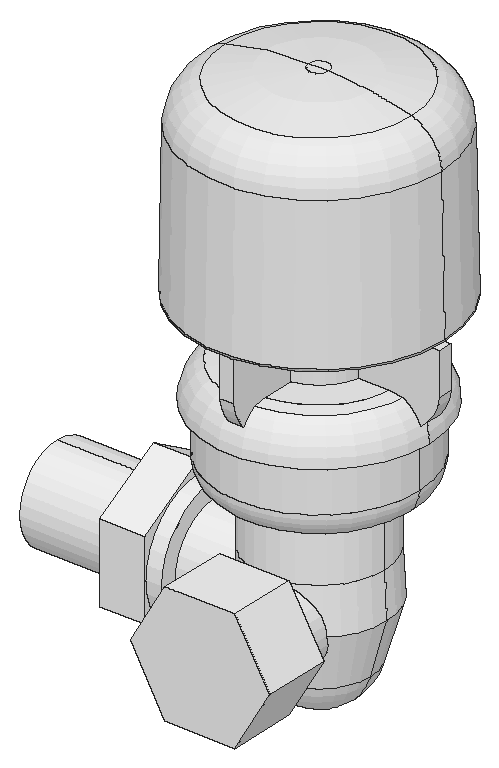
Revit family "RA-DV_Double Angle_Right_DN10-15_Aero_RFA_1", category Pipe Accessories, Revit 2019 (continued)
Definition of nested family "Schematic_Pressure Independent TRV_Sensor_Angle Right"
  Lines and regions (mm)
    model lines
      curve 17: line (0, -30, -15) -> (0, 0, 0)
      curve 18: line (0, -40, 0) -> (0, -30, 0)
    symbolic lines
      curve 19: line (0, 0, 0) -> (-30, 15, 0)
      curve 20: line (-30, 15, 0) -> (-30, -15, 0)
      curve 21: line (-30, -15, 0) -> (0, 0, 0)
      curve 22: line (-30, 0, 0) -> (-40, 0, 0)
      curve 23: spline (31.111, -13.333, 0) -> (33.412, -12.879, 0) -> (35.556, -11.547, 0) -> (37.397, -9.428, 0) -> (38.809, -6.667, 0) -> (39.697, -3.451, 0) -> (40, 0, 0) -> (39.697, 3.451, 0) -> (38.809, 6.667, 0) -> (37.397, 9.428, 0) -> (35.556, 11.547, 0) -> (33.412, 12.879, 0) -> (31.111, 13.333, 0) -> (28.81, 12.879, 0) -> (26.667, 11.547, 0) -> (24.826, 9.428, 0) -> (23.413, 6.667, 0) -> (22.525, 3.451, 0) -> (22.222, 0, 0) -> (22.525, -3.451, 0) -> (23.413, -6.667, 0) -> (24.826, -9.428, 0) -> (26.667, -11.547, 0) -> (28.81, -12.879, 0) -> (31.111, -13.333, 0)
      curve 24: line (0, 0, 0) -> (22.222, 0, 0)
      curve 25: line (31.111, -13.333, 0) -> (31.111, 13.333, 0)
      curve 26: line (-15, -30, 0) -> (0, 0, 0)
      curve 27: line (0, 0, 0) -> (15, -30, 0)
      curve 28: line (15, -30, 0) -> (-15, -30, 0)
      curve 29: line (0, -40, 0) -> (0, -30, 0)
      curve 30: line (-7.5, 60, 0) -> (7.5, 60, 0)
      curve 31: line (-7.5, 35, 0) -> (-7.5, 60, 0)
      curve 32: line (7.5, 35, 0) -> (-7.5, 35, 0)
      curve 33: line (7.5, 60, 0) -> (7.5, 35, 0)
      curve 34: line (-4.722, 55, 0) -> (4.722, 55, 0)
      curve 35: line (0, 55, 0) -> (0, 40, 0)
      curve 36: line (0, 0, 0) -> (0, 35, 0)
  Dimensions and locks
    "D": plane 4 to plane 5
    equal spacing: plane 4, level, plane 5
    "D": plane 9 to plane 8
    equal spacing: plane 9, plane 1 "Center (Front/Back)", plane 8
    "LA": plane 11 to plane 10
    equal spacing: plane 11, plane 3 "Center (Left/Right)", plane 10
    "LA_1": plane 13 to plane 10
    "LA_1": plane 11 to plane 14
    "L1/3": plane 18 to plane 19
    equal spacing: plane 18, level, plane 19
    "L": plane 20 to plane 3 "Center (Left/Right)"
    "L": plane 3 "Center (Left/Right)" to plane 7
    "HT": plane 6 to level
    "HA": plane 21 to plane 6
    "HA_1": plane 21 to plane 12
    "HA_2": plane 21 to plane 15
    "L1/3": plane 22 to plane 23
    equal spacing: plane 22, plane 1 "Center (Front/Back)", plane 23
    "D": plane 3 "Center (Left/Right)" to plane 24
    equal spacing: plane 20, plane 25, plane 26
    "L1/9": plane 20 to plane 25
    "D": plane 27 to plane 1 "Center (Front/Back)"
    equal spacing: plane 28, level, plane 29
    "D": plane 28 to plane 29
    "L2": plane 30 to plane 1 "Center (Front/Back)"
    "D": plane 32 to plane 33
    equal spacing: plane 32, plane 3 "Center (Left/Right)", plane 33
    "HT": plane 1 "Center (Front/Back)" to plane 34
    "HA": plane 35 to plane 34
    "HA_1": plane 35 to plane 36
    "HA_2": plane 35 to plane 37
    plane 10 to plane 11 = 15 mm
    plane 10 to plane 13 = 2.778 mm
    plane 14 to plane 11 = 2.778 mm
    aligned and locked: level to plane 2
    aligned and locked: curve 2 to plane 6
    aligned and locked: plane 10 to curve 3
    aligned and locked: curve 5 to plane 11
    aligned and locked: curve 6 to level
    aligned and locked: plane 21 to curve 4
    aligned and locked: curve 1 to plane 3 "Center (Left/Right)"
    aligned and locked: plane 6 to curve 1
    aligned and locked: curve 7 to plane 12
    aligned and locked: plane 13 to curve 7
    aligned and locked: plane 14 to curve 7
    aligned and locked: plane 3 "Center (Left/Right)" to curve 8
    aligned and locked: plane 15 to curve 8
    aligned and locked: plane 12 to curve 8
    aligned and locked: plane 24 to curve 10
    aligned and locked: plane 5 to curve 11
    aligned and locked: plane 4 to curve 9
    aligned and locked: plane 7 to curve 6
    aligned and locked: plane 24 to curve 6
    aligned and locked: curve 12 to level
    aligned and locked: plane 3 "Center (Left/Right)" to curve 12
    aligned and locked: plane 26 to curve 12
    aligned and locked: plane 25 to curve 13
    aligned and locked: plane 19 to curve 13
    aligned and locked: plane 18 to curve 13
    aligned and locked: plane 27 to curve 15
    aligned and locked: plane 29 to curve 15
    aligned and locked: plane 28 to curve 15
    aligned and locked: curve 18 to level
    aligned and locked: plane 30 to curve 18
    aligned and locked: plane 27 to curve 18
    aligned and locked: plane 7 to curve 22
    aligned and locked: plane 24 to curve 22
    aligned and locked: plane 24 to curve 20
    aligned and locked: plane 8 to curve 20
    aligned and locked: plane 9 to curve 20
    aligned and locked: plane 3 "Center (Left/Right)" to curve 24
    aligned and locked: plane 26 to curve 24
    aligned and locked: plane 25 to curve 25
    aligned and locked: plane 23 to curve 25
    aligned and locked: plane 22 to curve 25
    aligned and locked: plane 30 to curve 29
    aligned and locked: plane 27 to curve 29
  Automatic sketch dimensions
    curve 14 to plane 25 = 0 mm
    curve 17 to level = 0 mm
    curve 17 to plane 1 "Center (Front/Back)" = 0 mm
    curve 28 to plane 32 = 0 mm
    curve 29 to plane 3 "Center (Left/Right)" = 0 mm
    curve 27 to plane 33 = 0 mm
    curve 23 to plane 25 = 0 mm
    plane 1 "Center (Front/Back)" to curve 22 = 0 mm
    curve 34 to plane 13 = 0 mm
    curve 34 to plane 14 = 0 mm
    curve 34 to plane 36 = 0 mm
    curve 35 to plane 3 "Center (Left/Right)" = 0 mm
    curve 35 to plane 37 = 0 mm
    curve 31 to plane 10 = 0 mm
    curve 32 to plane 11 = 0 mm
    plane 1 "Center (Front/Back)" to curve 24 = 0 mm
    curve 33 to plane 34 = 0 mm
    curve 36 to plane 34 = 0 mm
    curve 35 to plane 36 = 0 mm
    curve 30 to plane 35 = 0 mm
Types (3, lengths in mm): name | Weight | W | SA2 | SA1 | RL4 | RL2 | RL1 | Model Type | Model | LR2 | LR1 | LL4 | LL3 | LL2 | LL1 | L | HexR2 | HexR1 | Hex2 | Hex | D
  (no name) | 0.33 kg | 61 | 33 | 36.7 | 10.5 | 14.8 | 11.3 | "RA-DV_Double Angle_Right_DN15" | "013G7719" | 15 | 18 | 21.2 | 10 | 3.7 | 23 | 85.9 | 15.4 | 17.3 | 26.7 | 30 | 15
  RA-DV_Double Angle_Right_DN10_013G7717 | 0.28 kg | 55 | 27 | 33.3 | 8.3 | 13.2 | 9.75 | "RA-DV_Double Angle_Right_DN10" | "013G7717" | 11.033 | 15.967 | 18.8 | 8.5 | 3.6 | 21.2 | 80.1 | 12.6 | 15.6 | 21.7 | 27 | 10
  RA-DV_Double Angle_Right_DN15_013G7719 | 0.33 kg | 61 | 33 | 36.7 | 10.5 | 14.8 | 11.3 | "RA-DV_Double Angle_Right_DN15" | "013G7719" | 15 | 18 | 21.2 | 10 | 3.7 | 23 | 85.9 | 15.4 | 17.3 | 26.7 | 30 | 15
